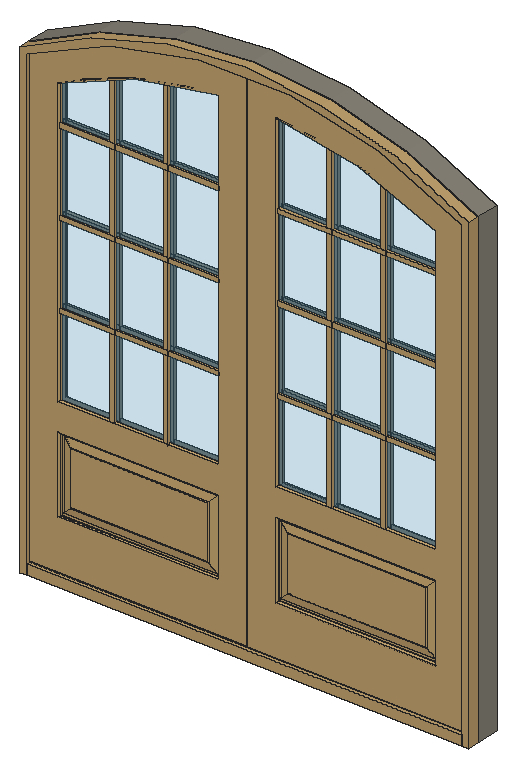
Revit family (continued)
Definition of nested family "Door_Plan_Detail"
  Definition of nested family "Jamb_Detail"
    Lines and regions (in)
      Masking region 1, in view "Ref. Level"
        outline origin (0, 0, 0) x (1, 0, 0) y (0, 1, 0)
          loop
            line (1.51551, 0.28062) -> (0.93767, 0.28062) -> (0.93767, 0.3871) -> (0.67848, 0.3871) -> (0.67848, 1.09375) -> (0, 1.09375)
      detail lines, style "Cut Lines", in view "Ref. Level", visible <- "Flange Visibility"
        curve 1: line (0, 0.045, 0) -> (-1.49897, 0.045, 0)
        curve 2: line (-0.155, 0, 0) -> (-1.49897, 0, 0)
        curve 3: line (-0.155, 0, 0) -> (-0.155, -0.11, 0)
        curve 4: line (0, -0.11, 0) -> (-0.155, -0.11, 0)
        curve 5: line (-1.49897, 0, 0) -> (-1.49897, 0.045, 0)
  Definition of nested family "Panel_Swing_Detail"
    Parameters (values of type "Door_Plan_Detail")
      Swing Visibility [instance] = not(Swing Angle < 3.00°)  # yes
      Swing Constraint [instance] = if(Swing Angle < 3.00°, 3.00°, Swing Angle)  # 90.00°
      Swing Angle [instance] = 90.00°
      Panel Width = 2' - 11 1/16"
      Mtg Stile [instance] = yes
      Assembly Code = ""
    Reference planes (in)
      plane 1: z = 0
      plane 2: y = 0.09375
      plane 3: x = -19.125
      plane 4: x = -54.1875
    Lines and regions (in)
      reference lines, in view "Ref. Level"
        curve 1: line (-19.125, 0.09375, 0) -> (-19.125, 35.15625, 0)
      detail lines, style "InvisibleLines", in view "Ref. Level", not visible
        curve 2: line (-19.125, 0.09375, 0) -> (-19.125, 35.15625, 0)
      detail lines, in view "Ref. Level", visible <- "Swing Visibility"
        curve 3: arc (-54.1875, 0.09375, 0) -> (-43.91793, 24.88668, 0) -> (-19.125, 35.15625, 0) r 35.0625
    Dimensions and locks (in)
      "Panel Width": curve 1 to curve 1
      "Panel Width": plane 4 to plane 3
      "Panel Width": curve 1 to curve 2
      "Swing Angle": angle nested 1 to plane 2
      "Swing Constraint": angle curve 1 to plane 2
      aligned and locked: plane 2 to curve 1
      aligned and locked: plane 3 to curve 1
      aligned and locked: curve 2 to curve 1  (x2)
      aligned and locked: plane 2 to curve 3
    Automatic sketch dimensions
      curve 3 to plane 4 = 0' - 0"
      curve 2 to plane 2 = 0' - 0"
    Nested families (in)
      nested 1: "Panel_Detail" at (-19.125, 0.09375, 0) x (0, -1, 0) z (0, 0, 1), Mtg Stile <- "Mtg Stile", type "Panel_Detail", in view "Ref. Level"
    Definition of nested family "Panel_Detail"
      Parameters (values of type "Panel_Detail")
        Panel Width = 2' - 11 1/16"
        Mtg Stile [instance] = yes
        Assembly Code = ""
      Reference planes (in)
        plane 1 "Center (Front/Back)": y = 0
        plane 2: z = 0
        plane 3 "Right": x = 0
        plane 4 "Left": x = -35.0625
      Lines and regions (in)
        Masking region 1, in view "Ref. Level", detail levels coarse+medium
          outline origin (0, 0, 0) x (1, 0, 0) y (0, 1, 0)
            loop
              line (-35.0625, 0) -> (-35.0625, -1.75) -> (0, -1.75) -> (0, 0) -> (-35.0625, 0)
        detail lines, style "Cut Lines", in view "Ref. Level", detail levels fine
          curve 1: line (-30.97475, -1.26859, 0) -> (-4.08775, -1.26859, 0)
          curve 2: line (-30.97475, -1.14359, 0) -> (-4.08775, -1.14359, 0)
          curve 3: line (-30.97475, -0.64359, 0) -> (-4.08775, -0.64359, 0)
          curve 4: line (-30.97475, -0.51859, 0) -> (-4.08775, -0.51859, 0)
      Dimensions and locks (in)
        "Panel Width": plane 4 "Left" to plane 3 "Right"
        locked: Masking region 1 sketch curve to plane 1 "Center (Front/Back)" at 1.75
        locked: nested 1 to plane 1 "Center (Front/Back)" at 1.75
        locked: nested 3 to plane 1 "Center (Front/Back)" at 1.75
        locked: nested 2 to plane 1 "Center (Front/Back)" at 1.75
        aligned and locked: plane 1 "Center (Front/Back)" to Masking region 1 sketch curve
        aligned and locked: Masking region 1 sketch curve to plane 4 "Left"
        aligned and locked: Masking region 1 sketch curve to plane 3 "Right"
        aligned and locked: plane 4 "Left" to nested 1
        aligned and locked: nested 2 to plane 3 "Right"
        aligned and locked: plane 4 "Left" to nested 3
      Automatic sketch dimensions
        plane 1 "Center (Front/Back)" to curve 4 = 0' - 0.51859"
        curve 4 to plane 4 "Left" = 0' - 4.08775"
        curve 2 to curve 4 = 0' - 0"
        curve 3 to curve 4 = 0' - 0"
        curve 1 to curve 2 = 0' - 0"  (x2)
        plane 1 "Center (Front/Back)" to curve 3 = 0' - 0.64359"
        curve 3 to plane 3 "Right" = 0' - 4.08775"
        curve 2 to curve 3 = 0' - 0"
        curve 4 to curve 3 = 0' - 0"
        curve 2 to curve 3 = 0' - 0 1/2"
        curve 1 to curve 2 = 0' - 0 1/8"
      Nested families (in)
        nested 1: "Mtg_Stile_Detail" at (-35.0625, -1.75, 0), visible <- "Mtg Stile", type "Stile_Detail", in view "Ref. Level", detail levels fine
        nested 2: "Stile_Detail" at (0, -1.75, 0), type "Stile_Detail", in view "Ref. Level", detail levels fine
        nested 3: "Stile_Detail" at (-35.0625, -1.75, 0) x (-1, 0, 0) z (0, 0, 1), type "Stile_Detail", in view "Ref. Level", detail levels fine
      Definition of nested family "Mtg_Stile_Detail"
        Parameters (values of type "Stile_Detail")
          Assembly Code = ""
        Reference planes (in)
          plane 1 "Center (Front/Back)": y = 0
          plane 2: z = 0
          plane 3 "Center (Left/Right)": x = 0
        Lines and regions (in)
          Masking region 1, in view "Ref. Level"
            outline origin (0, 0, 0) x (0, 1, 0) y (-1, 0, 0)
              loop
                line (0, 0.71385) -> (0, -1.07915) -> (0.9773, -0.97643) -> (1.15549, -0.73983) -> (1.594, -0.62233) -> (1.594, 0.25704) -> (1.13979, 0.37874) -> (0.9637, 0.61256) -> (0, 0.71385)
      Definition of nested family "Stile_Detail"
        Parameters (values of type "Stile_Detail")
          Assembly Code = ""
        Reference planes (in)
          plane 1 "Center (Front/Back)": y = 0
          plane 2: z = 0
          plane 3 "Center (Left/Right)": x = 0
        Lines and regions (in)
          Masking region 1, in view "Ref. Level"
            outline origin (0, 0, 0) x (1, 0, 0) y (0, 1, 0)
              loop
                line (0, -1.75) -> (0, 0) -> (-4.54196, 0) -> (-4.54196, -0.17227) -> (-4.75, -0.38031) -> (-4.75, -0.4375) -> (-4.02516, -0.4375) -> (-4.02516, -1.26261) -> (-4.75, -1.26261) -> (-4.75, -1.40858) -> (-4.55291, -1.75) -> (0, -1.75)
          detail lines, style "Cut Lines", in view "Ref. Level"
            curve 1: line (-4.08775, -0.48141, 0) -> (-4.08775, -0.60641, 0)
            curve 2: line (-4.21275, -1.10641, 0) -> (-4.21275, -0.60641, 0)
            curve 3: line (-4.46275, -1.10641, 0) -> (-4.46275, -0.60641, 0)
            curve 4: line (-4.08775, -1.10641, 0) -> (-4.08775, -1.23141, 0)
